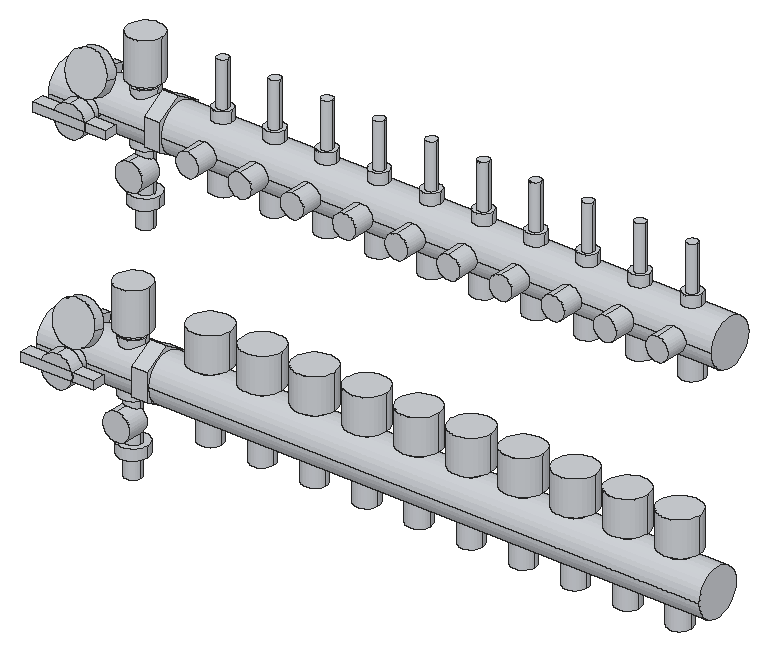
Revit family "318_f16c880827e94962872f661bd91b44", category Pipe Accessories, Revit 2017
Family settings
  Round Connector Dimension = Use Diameter
  Part Type = Valve - Normal
  Work Plane-Based = No
  Always vertical = Yes
  Cut with Voids When Loaded = No
  Shared = No
Parameters (values of type "R553FK110")
  magi_piping_qv_2_9 [instance] = 0.0 L/s
  magi_piping_qv_2_8 [instance] = 0.0 L/s
  magi_piping_qv_2_7 [instance] = 0.0 L/s
  magi_piping_qv_2_6 [instance] = 0.0 L/s
  magi_piping_qv_2_5 [instance] = 0.0 L/s
  magi_piping_qv_2_4 [instance] = 0.0 L/s
  magi_piping_qv_2_3 [instance] = 0.0 L/s
  magi_piping_qv_2_2 [instance] = 0.0 L/s
  magi_piping_qv_2_10 [instance] = 0.0 L/s
  magi_piping_qv_2_1 [instance] = 0.0 L/s
  magi_piping_qv_1_9 [instance] = 0.0 L/s
  magi_piping_qv_1_8 [instance] = 0.0 L/s
  magi_piping_qv_1_7 [instance] = 0.0 L/s
  magi_piping_qv_1_6 [instance] = 0.0 L/s
  magi_piping_qv_1_5 [instance] = 0.0 L/s
  magi_piping_qv_1_4 [instance] = 0.0 L/s
  magi_piping_qv_1_3 [instance] = 0.0 L/s
  magi_piping_qv_1_2 [instance] = 0.0 L/s
  magi_piping_qv_1_10 [instance] = 0.0 L/s
  magi_piping_qv_1_1 [instance] = 0.0 L/s
  magi_piping_qv [instance] = 0.0 L/s
  magi_piping_power_9 [instance] = 0 W
  magi_piping_power_8 [instance] = 0 W
  magi_piping_power_7 [instance] = 0 W
  magi_piping_power_6 [instance] = 0 W
  magi_piping_power_5 [instance] = 0 W
  magi_piping_power_4 [instance] = 0 W
  magi_piping_power_3 [instance] = 0 W
  magi_piping_power_2 [instance] = 0 W
  magi_piping_power_10 [instance] = 0 W
  magi_piping_power_1 [instance] = 0 W
  magi_piping_kv_9 [instance] = 0
  magi_piping_kv_8 [instance] = 0
  magi_piping_kv_7 [instance] = 0
  magi_piping_kv_6 [instance] = 0
  magi_piping_kv_5 [instance] = 0
  magi_piping_kv_4 [instance] = 0
  magi_piping_kv_3 [instance] = 0
  magi_piping_kv_2 [instance] = 0
  magi_piping_kv_10 [instance] = 0
  magi_piping_kv_1 [instance] = 0
  magi_piping_dpTot_9 [instance] = 0.0 Pa
  magi_piping_dpTot_8 [instance] = 0.0 Pa
  magi_piping_dpTot_7 [instance] = 0.0 Pa
  magi_piping_dpTot_6 [instance] = 0.0 Pa
  magi_piping_dpTot_5 [instance] = 0.0 Pa
  magi_piping_dpTot_4 [instance] = 0.0 Pa
  magi_piping_dpTot_3 [instance] = 0.0 Pa
  magi_piping_dpTot_2 [instance] = 0.0 Pa
  magi_piping_dpTot_10 [instance] = 0.0 Pa
  magi_piping_dpTot_1 [instance] = 0.0 Pa
  magi_adjustmentValue_9 [instance] = ""
  magi_adjustmentValue_8 [instance] = ""
  magi_adjustmentValue_7 [instance] = ""
  magi_adjustmentValue_6 [instance] = ""
  magi_adjustmentValue_5 [instance] = ""
  magi_adjustmentValue_4 [instance] = ""
  magi_adjustmentValue_3 [instance] = ""
  magi_adjustmentValue_2 [instance] = ""
  magi_adjustmentValue_10 [instance] = ""
  magi_adjustmentValue_1 [instance] = ""
  magiProductId = "f16c880827e94962872f661bd91b44"
  magiProductFamilyId = "f16c880827e94962872f661bd91b44"
  magiProductCode = "R553FK110"
  magiPartTypeId = 318
  Y = 15 mm
  VersionID = "2.0/2016.10.37.0/GIACOMINI_R553FK_001"
  URL = "http://www.giacomini.com/en"
  SMP = 25 mm
  SBP9 = 18 mm
  SBP8 = 18 mm
  SBP7 = 18 mm
  SBP6 = 18 mm
  SBP5 = 18 mm
  SBP4 = 18 mm
  SBP3 = 18 mm
  SBP2 = 18 mm
  SBP12 = 18 mm
  SBP11 = 18 mm
  SBP10 = 18 mm
  SBP1 = 18 mm
  RMP = 25 mm
  RBP9 = 18 mm
  RBP8 = 18 mm
  RBP7 = 18 mm
  RBP6 = 18 mm
  RBP5 = 18 mm
  RBP4 = 18 mm
  RBP3 = 18 mm
  RBP2 = 18 mm
  RBP12 = 18 mm
  RBP11 = 18 mm
  RBP10 = 18 mm
  RBP1 = 18 mm
  R2 = 22 mm
  QmdConnectorList = "321;SMP;322;SBP1;323;SBP2;324;SBP3;325;SBP4;326;SBP5;327;SBP6;328;SBP7;329;SBP8;330;SBP9;331;SBP10;351;RMP;352;RBP1;353;RBP2;354;RBP3;355;RBP4;356;RBP5;357;RBP6;358;RBP7;359;RBP8;360;RBP9;361;RBP10"
  Productdata [instance] = "© Progman Oy, all rights reserved"
  N9 = yes
  N8 = yes
  N7 = yes
  N6 = yes
  N5 = yes
  N4 = yes
  N3 = yes
  N12 = no
  N11 = no
  N10 = yes
  Manufacturer = "Giacomini"
  MC_Default_elevation = 0 mm
  L = 635 mm
  I = 50 mm
  H5 = 33 mm
  H4 = 5 mm
  H3__ve = -H3  # -40 mm
  H3 = 40 mm
  H2__ve = -H2  # -20 mm
  H2 = 20 mm
  H12 = 42 mm
  H11 = 10 mm
  Flow supply main [instance] = Flow supply 1 + Flow supply 2 + Flow supply 3 + Flow supply 4 + Flow supply 5 + Flow supply 6 + Flow supply 7 + Flow supply 8 + Flow supply 9 + Flow supply 10  # 0.0 L/s
  Flow supply 9 [instance] = 0.0 L/s
  Flow supply 8 [instance] = 0.0 L/s
  Flow supply 7 [instance] = 0.0 L/s
  Flow supply 6 [instance] = 0.0 L/s
  Flow supply 5 [instance] = 0.0 L/s
  Flow supply 4 [instance] = 0.0 L/s
  Flow supply 3 [instance] = 0.0 L/s
  Flow supply 2 [instance] = 0.0 L/s
  Flow supply 10 [instance] = 0.0 L/s
  Flow supply 1 [instance] = 0.0 L/s
  Flow return main [instance] = Flow return 1 + Flow return 2 + Flow return 3 + Flow return 4 + Flow return 5 + Flow return 6 + Flow return 7 + Flow return 8 + Flow return 9 + Flow return 10  # 0.0 L/s
  Flow return 9 [instance] = 0.0 L/s
  Flow return 8 [instance] = 0.0 L/s
  Flow return 7 [instance] = 0.0 L/s
  Flow return 6 [instance] = 0.0 L/s
  Flow return 5 [instance] = 0.0 L/s
  Flow return 4 [instance] = 0.0 L/s
  Flow return 3 [instance] = 0.0 L/s
  Flow return 2 [instance] = 0.0 L/s
  Flow return 10 [instance] = 0.0 L/s
  Flow return 1 [instance] = 0.0 L/s
  E = 208 mm
  Description = "PREASSEMBLED MANIFOLD KIT WITH FLOW METERS"
  D5 = 38 mm
  D4 = 22 mm
  D32 = 10 mm
  D31 = 18 mm
  D2 = 44 mm
  CAT0 = yes
  A = 149 mm
Reference planes
  plane 1 "Center (Front/Back)": y = 0
  plane 2 "XYPLANE": z = 0
  plane 3 "Center (Left/Right)": x = 0
  plane 4 "INIT_TEMP": y = 100
  plane 5 "414": y = -48
  plane 6 "413": z = -178
  plane 7 "412": y = -30
  plane 8 "411": z = -178
  plane 9 "410": z = -274
  plane 10 "409": z = -254
  plane 11 "408": z = -234
  plane 12 "407": z = -177
  plane 13 "406": z = -182
  plane 14 "405": y = -15
  plane 15 "404": z = 30
  plane 16 "403": y = -33
  plane 17 "402": x = 38
  plane 18 "401": z = 30
  plane 19 "400": z = -66
  plane 20 "399": z = -46
  plane 21 "398": z = -26
  plane 22 "397": z = 31
  plane 23 "396": x = 92
  plane 24 "395": z = 26
  plane 25 "394": x = 75
  plane 26 "393": z = -248
  plane 27 "392": z = -181
  plane 28 "391": z = -186
  plane 29 "390": z = -40
  plane 30 "389": x = 0
  plane 31 "388": y = 0
  plane 32 "387": y = -15
  plane 33 "386": z = -208
  plane 34 "385": z = 0
  plane 35 "384": z = 22
  plane 36 "383": x = 149
  plane 37 "382": x = 199
  plane 38 "381": y = -22
  plane 39 "380": x = 249
  plane 40 "379": z = 32
  plane 41 "378": x = 299
  plane 42 "377": x = 349
  plane 43 "376": x = 399
  plane 44 "375": x = 449
  plane 45 "374": x = 499
  plane 46 "373": x = 549
  plane 47 "372": x = 599
  plane 48 "371": x = 649
  plane 49 "370": x = 699
  plane 50 "1126": through (-712, -15, -178) normal (0, -0.2588, -0.9659)
  plane 51 "1127": through (-712, -30, -178) normal (0, 0.9659, -0.2588)
  plane 52 "1128": through (-712, -15, 30) normal (0, -0.9659, 0.2588)
  plane 53 "1129": through (-712, 0, 30) normal (0, 0.2588, 0.9659)
Forms (mm)
  Extrusion 1, solid
    sketch origin (750, -48, 0) x (-1, 0, 0) y (0, 0, 1)
      loop
        circle (712, -208) r 15
    from 0 to -12
  Extrusion 2, solid
    sketch origin (-712, -15, -178) x (1, 0, 0) y (0, -0.965926, 0.258819)
      loop
        line (746, -15) -> (754, -15) -> (754, 15) -> (746, 15) -> (746, -15)
    from 0 to 18
  Extrusion 3, solid
    sketch origin (750, -15, 0) x (-1, 0, 0) y (0, 0, 1)
      loop
        circle (712, -208) r 9
    from 0 to -33
  Extrusion 4, solid
    sketch origin (750, -48, 0) x (-1, 0, 0) y (0, 0, 1)
      loop
        line (677, -204) -> (677, -212) -> (747, -212) -> (747, -204) -> (677, -204)
    from 0 to -12
  Extrusion 5, solid
    sketch origin (-712, -30, -178) x (1, 0, 0) y (0, -0.258819, -0.965926)
      loop
        circle (750, 0) r 20
    from 0 to -10
  Extrusion 6, solid
    sketch origin (-750, 0, -182) x (1, 0, 0) y (0, 1, 0)
      loop
        circle (825, -15) r 12
    from 0 to -52
  Extrusion 7, solid
    sketch origin (92, -750, 0) x (0, 1, 0) y (0, 0, 1)
      loop
        line (735, -182) -> (712.483, -195) -> (712.483, -221) -> (735, -234) -> (757.517, -221) -> (757.517, -195) -> (735, -182)
    from 0 to 15
  Extrusion 8, solid
    sketch origin (-750, 0, -182) x (1, 0, 0) y (0, 1, 0)
      loop
        circle (825, -15) r 10
    from 0 to 5
  Extrusion 9, solid
    sketch origin (-750, 0, -177) x (1, 0, 0) y (0, 1, 0)
      loop
        circle (825, -15) r 16
    from 0 to 40
  Extrusion 10, solid
    sketch origin (-750, 0, -234) x (1, 0, 0) y (0, 1, 0)
      loop
        circle (825, -15) r 7.5
    from 0 to -70
  Extrusion 11, solid
    sketch origin (750, -15, 0) x (-1, 0, 0) y (0, 0, 1)
      loop
        circle (675, -254) r 13
    from 0 to -20
  Extrusion 12, solid
    sketch origin (-750, 0, -274) x (1, 0, 0) y (0, 1, 0)
      loop
        circle (825, -15) r 14
    from 0 to -10
  Extrusion 13, solid
    sketch origin (-712, -15, 30) x (1, 0, 0) y (0, 0.258819, 0.965926)
      loop
        circle (750, 0) r 20
    from 0 to 10
  Extrusion 14, solid
    sketch origin (750, -33, 0) x (-1, 0, 0) y (0, 0, 1)
      loop
        line (677, 4) -> (677, -4) -> (747, -4) -> (747, 4) -> (677, 4)
    from 0 to -12
  Extrusion 15, solid
    sketch origin (750, 0, 0) x (-1, 0, 0) y (0, 0, 1)
      loop
        circle (712, 0) r 9
    from 0 to -33
  Extrusion 16, solid
    sketch origin (-712, 0, 30) x (1, 0, 0) y (0, 0.965926, -0.258819)
      loop
        line (746, 15) -> (746, -15) -> (754, -15) -> (754, 15) -> (746, 15)
    from 0 to -18
  Extrusion 17, solid
    sketch origin (750, -33, 0) x (-1, 0, 0) y (0, 0, 1)
      loop
        circle (712, 0) r 15
    from 0 to -12
  Extrusion 18, solid
    sketch origin (-750, 0, -66) x (1, 0, 0) y (0, 1, 0)
      loop
        circle (825, 0) r 14
    from 0 to -10
  Extrusion 19, solid
    sketch origin (750, 0, 0) x (-1, 0, 0) y (0, 0, 1)
      loop
        circle (675, -46) r 13
    from 0 to -20
  Extrusion 20, solid
    sketch origin (-750, 0, -26) x (1, 0, 0) y (0, 1, 0)
      loop
        circle (825, 0) r 7.5
    from 0 to -70
  Extrusion 21, solid
    sketch origin (-750, 0, 31) x (1, 0, 0) y (0, 1, 0)
      loop
        circle (825, 0) r 16
    from 0 to 40
  Extrusion 22, solid
    sketch origin (-750, 0, 26) x (1, 0, 0) y (0, 1, 0)
      loop
        circle (825, 0) r 10
    from 0 to 5
  Extrusion 23, solid
    sketch origin (92, -750, 0) x (0, 1, 0) y (0, 0, 1)
      loop
        line (750, 26) -> (727.483, 13) -> (727.483, -13) -> (750, -26) -> (772.517, -13) -> (772.517, 13) -> (750, 26)
    from 0 to 15
  Extrusion 24, solid
    sketch origin (-750, 0, 26) x (1, 0, 0) y (0, 1, 0)
      loop
        circle (825, 0) r 12
    from 0 to -52
  Extrusion 25, solid, visible <- "N10"
    sketch origin (-750, 0, -208) x (1, 0, 0) y (0, 1, 0)
      loop
        circle (1349, -15) r 11
    from 0 to -40 <- "H3__ve"
  Extrusion 26, solid, visible <- "N10"
    sketch origin (-750, 0, -186) x (1, 0, 0) y (0, 1, 0)
      loop
        circle (1349, -15) r 11
    from 0 to 5 <- "H4"
  Extrusion 27, solid, visible <- "N10"
    sketch origin (-750, 0, -181) x (1, 0, 0) y (0, 1, 0)
      loop
        circle (1349, -15) r 19
    from 0 to 33 <- "H5"
  Extrusion 28, solid, visible <- "N12"
    sketch origin (-750, 0, -181) x (1, 0, 0) y (0, 1, 0)
      loop
        circle (1449, -15) r 19
    from 0 to 33 <- "H5"
  Extrusion 29, solid, visible <- "N12"
    sketch origin (-750, 0, -186) x (1, 0, 0) y (0, 1, 0)
      loop
        circle (1449, -15) r 11
    from 0 to 5 <- "H4"
  Extrusion 30, solid, visible <- "N12"
    sketch origin (-750, 0, -208) x (1, 0, 0) y (0, 1, 0)
      loop
        circle (1449, -15) r 11
    from 0 to -40 <- "H3__ve"
  Extrusion 31, solid, visible <- "N11"
    sketch origin (-750, 0, -208) x (1, 0, 0) y (0, 1, 0)
      loop
        circle (1399, -15) r 11
    from 0 to -40 <- "H3__ve"
  Extrusion 32, solid, visible <- "N11"
    sketch origin (-750, 0, -186) x (1, 0, 0) y (0, 1, 0)
      loop
        circle (1399, -15) r 11
    from 0 to 5 <- "H4"
  Extrusion 33, solid, visible <- "N11"
    sketch origin (-750, 0, -181) x (1, 0, 0) y (0, 1, 0)
      loop
        circle (1399, -15) r 19
    from 0 to 33 <- "H5"
  Extrusion 34, solid, visible <- "N8"
    sketch origin (-750, 0, -181) x (1, 0, 0) y (0, 1, 0)
      loop
        circle (1249, -15) r 19
    from 0 to 33 <- "H5"
  Extrusion 35, solid, visible <- "N8"
    sketch origin (-750, 0, -186) x (1, 0, 0) y (0, 1, 0)
      loop
        circle (1249, -15) r 11
    from 0 to 5 <- "H4"
  Extrusion 36, solid, visible <- "N8"
    sketch origin (-750, 0, -208) x (1, 0, 0) y (0, 1, 0)
      loop
        circle (1249, -15) r 11
    from 0 to -40 <- "H3__ve"
  Extrusion 37, solid, visible <- "N9"
    sketch origin (-750, 0, -208) x (1, 0, 0) y (0, 1, 0)
      loop
        circle (1299, -15) r 11
    from 0 to -40 <- "H3__ve"
  Extrusion 38, solid, visible <- "N9"
    sketch origin (-750, 0, -186) x (1, 0, 0) y (0, 1, 0)
      loop
        circle (1299, -15) r 11
    from 0 to 5 <- "H4"
  Extrusion 39, solid, visible <- "N9"
    sketch origin (-750, 0, -181) x (1, 0, 0) y (0, 1, 0)
      loop
        circle (1299, -15) r 19
    from 0 to 33 <- "H5"
  Extrusion 40, solid, visible <- "N7"
    sketch origin (-750, 0, -181) x (1, 0, 0) y (0, 1, 0)
      loop
        circle (1199, -15) r 19
    from 0 to 33 <- "H5"
  Extrusion 41, solid, visible <- "N7"
    sketch origin (-750, 0, -186) x (1, 0, 0) y (0, 1, 0)
      loop
        circle (1199, -15) r 11
    from 0 to 5 <- "H4"
  Extrusion 42, solid, visible <- "N7"
    sketch origin (-750, 0, -208) x (1, 0, 0) y (0, 1, 0)
      loop
        circle (1199, -15) r 11
    from 0 to -40 <- "H3__ve"
  Extrusion 43, solid, visible <- "N6"
    sketch origin (-750, 0, -208) x (1, 0, 0) y (0, 1, 0)
      loop
        circle (1149, -15) r 11
    from 0 to -40 <- "H3__ve"
  Extrusion 44, solid, visible <- "N6"
    sketch origin (-750, 0, -186) x (1, 0, 0) y (0, 1, 0)
      loop
        circle (1149, -15) r 11
    from 0 to 5 <- "H4"
  Extrusion 45, solid, visible <- "N6"
    sketch origin (-750, 0, -181) x (1, 0, 0) y (0, 1, 0)
      loop
        circle (1149, -15) r 19
    from 0 to 33 <- "H5"
  Extrusion 46, solid, visible <- "N5"
    sketch origin (-750, 0, -181) x (1, 0, 0) y (0, 1, 0)
      loop
        circle (1099, -15) r 19
    from 0 to 33 <- "H5"
  Extrusion 47, solid, visible <- "N5"
    sketch origin (-750, 0, -186) x (1, 0, 0) y (0, 1, 0)
      loop
        circle (1099, -15) r 11
    from 0 to 5 <- "H4"
  Extrusion 48, solid, visible <- "N5"
    sketch origin (-750, 0, -208) x (1, 0, 0) y (0, 1, 0)
      loop
        circle (1099, -15) r 11
    from 0 to -40 <- "H3__ve"
  Extrusion 49, solid, visible <- "N4"
    sketch origin (-750, 0, -208) x (1, 0, 0) y (0, 1, 0)
      loop
        circle (1049, -15) r 11
    from 0 to -40 <- "H3__ve"
  Extrusion 50, solid, visible <- "N4"
    sketch origin (-750, 0, -186) x (1, 0, 0) y (0, 1, 0)
      loop
        circle (1049, -15) r 11
    from 0 to 5 <- "H4"
  Extrusion 51, solid, visible <- "N4"
    sketch origin (-750, 0, -181) x (1, 0, 0) y (0, 1, 0)
      loop
        circle (1049, -15) r 19
    from 0 to 33 <- "H5"
  Extrusion 52, solid, visible <- "N3"
    sketch origin (-750, 0, -181) x (1, 0, 0) y (0, 1, 0)
      loop
        circle (999, -15) r 19
    from 0 to 33 <- "H5"
  Extrusion 53, solid, visible <- "N3"
    sketch origin (-750, 0, -186) x (1, 0, 0) y (0, 1, 0)
      loop
        circle (999, -15) r 11
    from 0 to 5 <- "H4"
  Extrusion 54, solid
    sketch origin (-750, 0, -186) x (1, 0, 0) y (0, 1, 0)
      loop
        circle (949, -15) r 11
    from 0 to 5 <- "H4"
  Extrusion 55, solid
    sketch origin (-750, 0, -181) x (1, 0, 0) y (0, 1, 0)
      loop
        circle (949, -15) r 19
    from 0 to 33 <- "H5"
  Extrusion 56, solid
    sketch origin (-750, 0, -181) x (1, 0, 0) y (0, 1, 0)
      loop
        circle (899, -15) r 19
    from 0 to 33 <- "H5"
  Extrusion 57, solid
    sketch origin (-750, 0, -186) x (1, 0, 0) y (0, 1, 0)
      loop
        circle (899, -15) r 11
    from 0 to 5 <- "H4"
  Extrusion 58, solid, visible <- "N3"
    sketch origin (-750, 0, -208) x (1, 0, 0) y (0, 1, 0)
      loop
        circle (999, -15) r 11
    from 0 to -40 <- "H3__ve"
  Extrusion 59, solid
    sketch origin (-750, 0, -208) x (1, 0, 0) y (0, 1, 0)
      loop
        circle (899, -15) r 11
    from 0 to -40 <- "H3__ve"
  Extrusion 60, solid
    sketch origin (-750, 0, -208) x (1, 0, 0) y (0, 1, 0)
      loop
        circle (949, -15) r 11
    from 0 to -40 <- "H3__ve"
  Extrusion 61, solid, visible <- "CAT0"
    sketch origin (0, -750, 0) x (0, 1, 0) y (0, 0, 1)
      loop
        circle (735, -208) r 22
    from 0 to 635 <- "L"
  Extrusion 62, solid, visible <- "N8"
    sketch origin (-750, 0, 0) x (1, 0, 0) y (0, 1, 0)
      loop
        circle (1249, 0) r 11
    from 0 to -40 <- "H3__ve"
  Extrusion 63, solid, visible <- "N9"
    sketch origin (-750, 0, 0) x (1, 0, 0) y (0, 1, 0)
      loop
        circle (1299, 0) r 11
    from 0 to -40 <- "H3__ve"
  Extrusion 64, solid, visible <- "N10"
    sketch origin (-750, 0, 0) x (1, 0, 0) y (0, 1, 0)
      loop
        circle (1349, 0) r 11
    from 0 to -40 <- "H3__ve"
  Extrusion 65, solid, visible <- "N11"
    sketch origin (-750, 0, 0) x (1, 0, 0) y (0, 1, 0)
      loop
        circle (1399, 0) r 11
    from 0 to -40 <- "H3__ve"
  Extrusion 66, solid, visible <- "N12"
    sketch origin (-750, 0, 0) x (1, 0, 0) y (0, 1, 0)
      loop
        circle (1449, 0) r 11
    from 0 to -40 <- "H3__ve"
  Extrusion 67, solid, visible <- "N7"
    sketch origin (-750, 0, 0) x (1, 0, 0) y (0, 1, 0)
      loop
        circle (1199, 0) r 11
    from 0 to -40 <- "H3__ve"
  Extrusion 68, solid, visible <- "N6"
    sketch origin (-750, 0, 0) x (1, 0, 0) y (0, 1, 0)
      loop
        circle (1149, 0) r 11
    from 0 to -40 <- "H3__ve"
  Extrusion 69, solid, visible <- "N5"
    sketch origin (-750, 0, 0) x (1, 0, 0) y (0, 1, 0)
      loop
        circle (1099, 0) r 11
    from 0 to -40 <- "H3__ve"
  Extrusion 70, solid, visible <- "N4"
    sketch origin (-750, 0, 0) x (1, 0, 0) y (0, 1, 0)
      loop
        circle (1049, 0) r 11
    from 0 to -40 <- "H3__ve"
  Extrusion 71, solid, visible <- "N3"
    sketch origin (-750, 0, 0) x (1, 0, 0) y (0, 1, 0)
      loop
        circle (999, 0) r 11
    from 0 to -40 <- "H3__ve"
  Extrusion 72, solid
    sketch origin (-750, 0, 0) x (1, 0, 0) y (0, 1, 0)
      loop
        circle (949, 0) r 11
    from 0 to -40 <- "H3__ve"
  Extrusion 73, solid
    sketch origin (-750, 0, 0) x (1, 0, 0) y (0, 1, 0)
      loop
        circle (899, 0) r 11
    from 0 to -40 <- "H3__ve"
  Extrusion 74, solid, visible <- "CAT0"
    sketch origin (0, -750, 0) x (0, 1, 0) y (0, 0, 1)
      loop
        circle (750, 0) r 22
    from 0 to 635 <- "L"
  Extrusion 75, solid
    sketch origin (-750, 0, 22) x (1, 0, 0) y (0, 1, 0)
      loop
        circle (899, 0) r 9
    from 0 to 10 <- "H11"
  Extrusion 76, solid
    sketch origin (750, -22, 0) x (-1, 0, 0) y (0, 0, 1)
      loop
        circle (601, 0) r 11
    from 0 to -20 <- "H2__ve"
  Extrusion 77, solid
    sketch origin (750, -22, 0) x (-1, 0, 0) y (0, 0, 1)
      loop
        circle (551, 0) r 11
    from 0 to -20 <- "H2__ve"
  Extrusion 78, solid, visible <- "N3"
    sketch origin (750, -22, 0) x (-1, 0, 0) y (0, 0, 1)
      loop
        circle (501, 0) r 11
    from 0 to -20 <- "H2__ve"
  Extrusion 79, solid
    sketch origin (-750, 0, 32) x (1, 0, 0) y (0, 1, 0)
      loop
        circle (899, 0) r 5
    from 0 to 42 <- "H12"
  Extrusion 80, solid
    sketch origin (-750, 0, 32) x (1, 0, 0) y (0, 1, 0)
      loop
        circle (949, 0) r 5
    from 0 to 42 <- "H12"
  Extrusion 81, solid
    sketch origin (-750, 0, 22) x (1, 0, 0) y (0, 1, 0)
      loop
        circle (949, 0) r 9
    from 0 to 10 <- "H11"
  Extrusion 82, solid, visible <- "N3"
    sketch origin (-750, 0, 22) x (1, 0, 0) y (0, 1, 0)
      loop
        circle (999, 0) r 9
    from 0 to 10 <- "H11"
  Extrusion 83, solid, visible <- "N3"
    sketch origin (-750, 0, 32) x (1, 0, 0) y (0, 1, 0)
      loop
        circle (999, 0) r 5
    from 0 to 42 <- "H12"
  Extrusion 84, solid, visible <- "N4"
    sketch origin (-750, 0, 32) x (1, 0, 0) y (0, 1, 0)
      loop
        circle (1049, 0) r 5
    from 0 to 42 <- "H12"
  Extrusion 85, solid, visible <- "N4"
    sketch origin (-750, 0, 22) x (1, 0, 0) y (0, 1, 0)
      loop
        circle (1049, 0) r 9
    from 0 to 10 <- "H11"
  Extrusion 86, solid, visible <- "N4"
    sketch origin (750, -22, 0) x (-1, 0, 0) y (0, 0, 1)
      loop
        circle (451, 0) r 11
    from 0 to -20 <- "H2__ve"
  Extrusion 87, solid, visible <- "N5"
    sketch origin (750, -22, 0) x (-1, 0, 0) y (0, 0, 1)
      loop
        circle (401, 0) r 11
    from 0 to -20 <- "H2__ve"
  Extrusion 88, solid, visible <- "N5"
    sketch origin (-750, 0, 22) x (1, 0, 0) y (0, 1, 0)
      loop
        circle (1099, 0) r 9
    from 0 to 10 <- "H11"
  Extrusion 89, solid, visible <- "N5"
    sketch origin (-750, 0, 32) x (1, 0, 0) y (0, 1, 0)
      loop
        circle (1099, 0) r 5
    from 0 to 42 <- "H12"
  Extrusion 90, solid, visible <- "N6"
    sketch origin (-750, 0, 32) x (1, 0, 0) y (0, 1, 0)
      loop
        circle (1149, 0) r 5
    from 0 to 42 <- "H12"
  Extrusion 91, solid, visible <- "N6"
    sketch origin (-750, 0, 22) x (1, 0, 0) y (0, 1, 0)
      loop
        circle (1149, 0) r 9
    from 0 to 10 <- "H11"
  Extrusion 92, solid, visible <- "N6"
    sketch origin (750, -22, 0) x (-1, 0, 0) y (0, 0, 1)
      loop
        circle (351, 0) r 11
    from 0 to -20 <- "H2__ve"
  Extrusion 93, solid, visible <- "N7"
    sketch origin (750, -22, 0) x (-1, 0, 0) y (0, 0, 1)
      loop
        circle (301, 0) r 11
    from 0 to -20 <- "H2__ve"
  Extrusion 94, solid, visible <- "N7"
    sketch origin (-750, 0, 22) x (1, 0, 0) y (0, 1, 0)
      loop
        circle (1199, 0) r 9
    from 0 to 10 <- "H11"
  Extrusion 95, solid, visible <- "N7"
    sketch origin (-750, 0, 32) x (1, 0, 0) y (0, 1, 0)
      loop
        circle (1199, 0) r 5
    from 0 to 42 <- "H12"
  Extrusion 96, solid, visible <- "N8"
    sketch origin (-750, 0, 32) x (1, 0, 0) y (0, 1, 0)
      loop
        circle (1249, 0) r 5
    from 0 to 42 <- "H12"
  Extrusion 97, solid, visible <- "N8"
    sketch origin (-750, 0, 22) x (1, 0, 0) y (0, 1, 0)
      loop
        circle (1249, 0) r 9
    from 0 to 10 <- "H11"
  Extrusion 98, solid, visible <- "N8"
    sketch origin (750, -22, 0) x (-1, 0, 0) y (0, 0, 1)
      loop
        circle (251, 0) r 11
    from 0 to -20 <- "H2__ve"
  Extrusion 99, solid, visible <- "N10"
    sketch origin (750, -22, 0) x (-1, 0, 0) y (0, 0, 1)
      loop
        circle (151, 0) r 11
    from 0 to -20 <- "H2__ve"
  Extrusion 100, solid, visible <- "N10"
    sketch origin (-750, 0, 22) x (1, 0, 0) y (0, 1, 0)
      loop
        circle (1349, 0) r 9
    from 0 to 10 <- "H11"
  Extrusion 101, solid, visible <- "N10"
    sketch origin (-750, 0, 32) x (1, 0, 0) y (0, 1, 0)
      loop
        circle (1349, 0) r 5
    from 0 to 42 <- "H12"
  Extrusion 102, solid, visible <- "N9"
    sketch origin (-750, 0, 32) x (1, 0, 0) y (0, 1, 0)
      loop
        circle (1299, 0) r 5
    from 0 to 42 <- "H12"
  Extrusion 103, solid, visible <- "N9"
    sketch origin (-750, 0, 22) x (1, 0, 0) y (0, 1, 0)
      loop
        circle (1299, 0) r 9
    from 0 to 10 <- "H11"
  Extrusion 104, solid, visible <- "N9"
    sketch origin (750, -22, 0) x (-1, 0, 0) y (0, 0, 1)
      loop
        circle (201, 0) r 11
    from 0 to -20 <- "H2__ve"
  Extrusion 105, solid, visible <- "N11"
    sketch origin (-750, 0, 32) x (1, 0, 0) y (0, 1, 0)
      loop
        circle (1399, 0) r 5
    from 0 to 42 <- "H12"
  Extrusion 106, solid, visible <- "N11"
    sketch origin (-750, 0, 22) x (1, 0, 0) y (0, 1, 0)
      loop
        circle (1399, 0) r 9
    from 0 to 10 <- "H11"
  Extrusion 107, solid, visible <- "N11"
    sketch origin (750, -22, 0) x (-1, 0, 0) y (0, 0, 1)
      loop
        circle (101, 0) r 11
    from 0 to -20 <- "H2__ve"
  Extrusion 108, solid, visible <- "N12"
    sketch origin (750, -22, 0) x (-1, 0, 0) y (0, 0, 1)
      loop
        circle (51, 0) r 11
    from 0 to -20 <- "H2__ve"
  Extrusion 109, solid, visible <- "N12"
    sketch origin (-750, 0, 22) x (1, 0, 0) y (0, 1, 0)
      loop
        circle (1449, 0) r 9
    from 0 to 10 <- "H11"
  Extrusion 110, solid, visible <- "N12"
    sketch origin (-750, 0, 32) x (1, 0, 0) y (0, 1, 0)
      loop
        circle (1449, 0) r 5
    from 0 to 42 <- "H12"
  Extrusion 111, solid, not visible
    sketch origin (-750, 0, -248) x (1, 0, 0) y (0, 1, 0)
      loop
        circle (1349, -15) r 10
    from 0 to 10
  Extrusion 112, solid, not visible
    sketch origin (-750, 0, -248) x (1, 0, 0) y (0, 1, 0)
      loop
        circle (1249, -15) r 10
    from 0 to 10
  Extrusion 113, solid, not visible
    sketch origin (-750, 0, -248) x (1, 0, 0) y (0, 1, 0)
      loop
        circle (1299, -15) r 10
    from 0 to 10
  Extrusion 114, solid, not visible
    sketch origin (-750, 0, -248) x (1, 0, 0) y (0, 1, 0)
      loop
        circle (1199, -15) r 10
    from 0 to 10
  Extrusion 115, solid, not visible
    sketch origin (-750, 0, -248) x (1, 0, 0) y (0, 1, 0)
      loop
        circle (1149, -15) r 10
    from 0 to 10
  Extrusion 116, solid, not visible
    sketch origin (-750, 0, -248) x (1, 0, 0) y (0, 1, 0)
      loop
        circle (1099, -15) r 10
    from 0 to 10
  Extrusion 117, solid, not visible
    sketch origin (-750, 0, -248) x (1, 0, 0) y (0, 1, 0)
      loop
        circle (1049, -15) r 10
    from 0 to 10
  Extrusion 118, solid, not visible
    sketch origin (-750, 0, -248) x (1, 0, 0) y (0, 1, 0)
      loop
        circle (949, -15) r 10
    from 0 to 10
  Extrusion 119, solid, not visible
    sketch origin (-750, 0, -248) x (1, 0, 0) y (0, 1, 0)
      loop
        circle (899, -15) r 10
    from 0 to 10
  Extrusion 120, solid, not visible
    sketch origin (-750, 0, -248) x (1, 0, 0) y (0, 1, 0)
      loop
        circle (999, -15) r 10
    from 0 to 10
  Extrusion 121, solid, not visible
    sketch origin (-750, 0, -40) x (1, 0, 0) y (0, 1, 0)
      loop
        circle (1249, 0) r 10
    from 0 to 10
  Extrusion 122, solid, not visible
    sketch origin (-750, 0, -40) x (1, 0, 0) y (0, 1, 0)
      loop
        circle (1299, 0) r 10
    from 0 to 10
  Extrusion 123, solid, not visible
    sketch origin (-750, 0, -40) x (1, 0, 0) y (0, 1, 0)
      loop
        circle (1349, 0) r 10
    from 0 to 10
  Extrusion 124, solid, not visible
    sketch origin (-750, 0, -40) x (1, 0, 0) y (0, 1, 0)
      loop
        circle (1199, 0) r 10
    from 0 to 10
  Extrusion 125, solid, not visible
    sketch origin (-750, 0, -40) x (1, 0, 0) y (0, 1, 0)
      loop
        circle (1149, 0) r 10
    from 0 to 10
  Extrusion 126, solid, not visible
    sketch origin (-750, 0, -40) x (1, 0, 0) y (0, 1, 0)
      loop
        circle (1099, 0) r 10
    from 0 to 10
  Extrusion 127, solid, not visible
    sketch origin (-750, 0, -40) x (1, 0, 0) y (0, 1, 0)
      loop
        circle (1049, 0) r 10
    from 0 to 10
  Extrusion 128, solid, not visible
    sketch origin (-750, 0, -40) x (1, 0, 0) y (0, 1, 0)
      loop
        circle (999, 0) r 10
    from 0 to 10
  Extrusion 129, solid, not visible
    sketch origin (0, -750, 0) x (0, 1, 0) y (0, 0, 1)
      loop
        circle (750, 0) r 10
    from 0 to 10
  Extrusion 130, solid, not visible
    sketch origin (0, -750, 0) x (0, 1, 0) y (0, 0, 1)
      loop
        circle (735, -208) r 10
    from 0 to 10
  Extrusion 131, solid, not visible
    sketch origin (-750, 0, -40) x (1, 0, 0) y (0, 1, 0)
      loop
        circle (899, 0) r 10
    from 0 to 10
  Extrusion 132, solid, not visible
    sketch origin (-750, 0, -40) x (1, 0, 0) y (0, 1, 0)
      loop
        circle (949, 0) r 10
    from 0 to 10
Text (mm)
  text "© Progman Oy, all rights reserved" at (-472.209, -2482.653, 0), in view "Ref. Level"
Dimensions and locks
  plane 4 "INIT_TEMP" to plane 1 "Center (Front/Back)" = 100 mm
  locked: plane 32 "387" to plane 5 "414" at 33
  locked: plane 33 "386" to plane 6 "413" at 30
  locked: plane 32 "387" to plane 7 "412" at 15
  locked: plane 33 "386" to plane 8 "411" at 30
  locked: plane 11 "408" to plane 9 "410" at 40
  locked: plane 11 "408" to plane 10 "409" at 20
  locked: plane 13 "406" to plane 11 "408" at 52
  locked: plane 13 "406" to plane 12 "407" at 5
  locked: plane 33 "386" to plane 13 "406" at 26
  locked: plane 1 "Center (Front/Back)" to plane 14 "405" at 15
  locked: plane 2 "XYPLANE" to plane 15 "404" at 30
  locked: plane 1 "Center (Front/Back)" to plane 16 "403" at 33
  locked: plane 3 "Center (Left/Right)" to plane 17 "402" at 38
  locked: plane 2 "XYPLANE" to plane 18 "401" at 30
  locked: plane 21 "398" to plane 19 "400" at 40
  locked: plane 21 "398" to plane 20 "399" at 20
  locked: plane 24 "395" to plane 21 "398" at 52
  locked: plane 24 "395" to plane 22 "397" at 5
  locked: plane 25 "394" to plane 23 "396" at 17
  locked: plane 2 "XYPLANE" to plane 24 "395" at 26
  locked: plane 3 "Center (Left/Right)" to plane 25 "394" at 75
  "H3": plane 33 "386" to plane 26 "393"
  "H4": plane 28 "391" to plane 27 "392"
  "R2": plane 33 "386" to plane 28 "391"
  "H3": plane 2 "XYPLANE" to plane 29 "390"
  locked: plane 3 "Center (Left/Right)" to plane 30 "389"
  locked: plane 1 "Center (Front/Back)" to plane 31 "388"
  "Y": plane 1 "Center (Front/Back)" to plane 32 "387"
  "E": plane 2 "XYPLANE" to plane 33 "386"
  locked: plane 2 "XYPLANE" to plane 34 "385"
  "R2": plane 2 "XYPLANE" to plane 35 "384"
  "A": plane 3 "Center (Left/Right)" to plane 36 "383"
  "I": plane 36 "383" to plane 37 "382"
  "R2": plane 1 "Center (Front/Back)" to plane 38 "381"
  "I": plane 37 "382" to plane 39 "380"
  "H11": plane 35 "384" to plane 40 "379"
  "I": plane 39 "380" to plane 41 "378"
  "I": plane 41 "378" to plane 42 "377"
  "I": plane 42 "377" to plane 43 "376"
  "I": plane 43 "376" to plane 44 "375"
  "I": plane 44 "375" to plane 45 "374"
  "I": plane 45 "374" to plane 46 "373"
  "I": plane 46 "373" to plane 47 "372"
  "I": plane 47 "372" to plane 48 "371"
  "I": plane 48 "371" to plane 49 "370"
  "D4": diameter of Extrusion 25 sketch curve
  "D4": diameter of Extrusion 26 sketch curve
  "D5": diameter of Extrusion 27 sketch curve
  "D5": diameter of Extrusion 28 sketch curve
  "D4": diameter of Extrusion 29 sketch curve
  "D4": diameter of Extrusion 30 sketch curve
  "D4": diameter of Extrusion 31 sketch curve
  "D4": diameter of Extrusion 32 sketch curve
  "D5": diameter of Extrusion 33 sketch curve
  "D5": diameter of Extrusion 34 sketch curve
  "D4": diameter of Extrusion 35 sketch curve
  "D4": diameter of Extrusion 36 sketch curve
  "D4": diameter of Extrusion 37 sketch curve
  "D4": diameter of Extrusion 38 sketch curve
  "D5": diameter of Extrusion 39 sketch curve
  "D5": diameter of Extrusion 40 sketch curve
  "D4": diameter of Extrusion 41 sketch curve
  "D4": diameter of Extrusion 42 sketch curve
  "D4": diameter of Extrusion 43 sketch curve
  "D4": diameter of Extrusion 44 sketch curve
  "D5": diameter of Extrusion 45 sketch curve
  "D5": diameter of Extrusion 46 sketch curve
  "D4": diameter of Extrusion 47 sketch curve
  "D4": diameter of Extrusion 48 sketch curve
  "D4": diameter of Extrusion 49 sketch curve
  "D4": diameter of Extrusion 50 sketch curve
  "D5": diameter of Extrusion 51 sketch curve
  "D5": diameter of Extrusion 52 sketch curve
  "D4": diameter of Extrusion 53 sketch curve
  "D4": diameter of Extrusion 54 sketch curve
  "D5": diameter of Extrusion 55 sketch curve
  "D5": diameter of Extrusion 56 sketch curve
  "D4": diameter of Extrusion 57 sketch curve
  "D4": diameter of Extrusion 58 sketch curve
  "D4": diameter of Extrusion 59 sketch curve
  "D4": diameter of Extrusion 60 sketch curve
  "D2": diameter of Extrusion 61 sketch curve
  "D4": diameter of Extrusion 62 sketch curve
  "D4": diameter of Extrusion 63 sketch curve
  "D4": diameter of Extrusion 64 sketch curve
  "D4": diameter of Extrusion 65 sketch curve
  "D4": diameter of Extrusion 66 sketch curve
  "D4": diameter of Extrusion 67 sketch curve
  "D4": diameter of Extrusion 68 sketch curve
  "D4": diameter of Extrusion 69 sketch curve
  "D4": diameter of Extrusion 70 sketch curve
  "D4": diameter of Extrusion 71 sketch curve
  "D4": diameter of Extrusion 72 sketch curve
  "D4": diameter of Extrusion 73 sketch curve
  "D2": diameter of Extrusion 74 sketch curve
  "D31": diameter of Extrusion 75 sketch curve
  "D4": diameter of Extrusion 76 sketch curve
  "D4": diameter of Extrusion 77 sketch curve
  "D4": diameter of Extrusion 78 sketch curve
  "D32": diameter of Extrusion 79 sketch curve
  "D32": diameter of Extrusion 80 sketch curve
  "D31": diameter of Extrusion 81 sketch curve
  "D31": diameter of Extrusion 82 sketch curve
  "D32": diameter of Extrusion 83 sketch curve
  "D32": diameter of Extrusion 84 sketch curve
  "D31": diameter of Extrusion 85 sketch curve
  "D4": diameter of Extrusion 86 sketch curve
  "D4": diameter of Extrusion 87 sketch curve
  "D31": diameter of Extrusion 88 sketch curve
  "D32": diameter of Extrusion 89 sketch curve
  "D32": diameter of Extrusion 90 sketch curve
  "D31": diameter of Extrusion 91 sketch curve
  "D4": diameter of Extrusion 92 sketch curve
  "D4": diameter of Extrusion 93 sketch curve
  "D31": diameter of Extrusion 94 sketch curve
  "D32": diameter of Extrusion 95 sketch curve
  "D32": diameter of Extrusion 96 sketch curve
  "D31": diameter of Extrusion 97 sketch curve
  "D4": diameter of Extrusion 98 sketch curve
  "D4": diameter of Extrusion 99 sketch curve
  "D31": diameter of Extrusion 100 sketch curve
  "D32": diameter of Extrusion 101 sketch curve
  "D32": diameter of Extrusion 102 sketch curve
  "D31": diameter of Extrusion 103 sketch curve
  "D4": diameter of Extrusion 104 sketch curve
  "D32": diameter of Extrusion 105 sketch curve
  "D31": diameter of Extrusion 106 sketch curve
  "D4": diameter of Extrusion 107 sketch curve
  "D4": diameter of Extrusion 108 sketch curve
  "D31": diameter of Extrusion 109 sketch curve
  "D32": diameter of Extrusion 110 sketch curve
  aligned and locked: level to plane 2 "XYPLANE"
  aligned and locked: plane 17 "402" to Extrusion 1 sketch curve
  aligned and locked: plane 33 "386" to Extrusion 1 sketch curve
  aligned and locked: plane 17 "402" to Extrusion 3 sketch curve
  aligned and locked: plane 33 "386" to Extrusion 3 sketch curve
  aligned and locked: plane 17 "402" to Extrusion 5 sketch curve
  aligned and locked: plane 25 "394" to Extrusion 6 sketch curve
  aligned and locked: plane 32 "387" to Extrusion 6 sketch curve
  aligned and locked: plane 25 "394" to Extrusion 8 sketch curve
  aligned and locked: plane 32 "387" to Extrusion 8 sketch curve
  aligned and locked: plane 25 "394" to Extrusion 9 sketch curve
  aligned and locked: plane 32 "387" to Extrusion 9 sketch curve
  aligned and locked: plane 25 "394" to Extrusion 10 sketch curve
  aligned and locked: plane 32 "387" to Extrusion 10 sketch curve
  aligned and locked: plane 10 "409" to Extrusion 11 sketch curve
  aligned and locked: plane 25 "394" to Extrusion 11 sketch curve
  aligned and locked: plane 25 "394" to Extrusion 12 sketch curve
  aligned and locked: plane 32 "387" to Extrusion 12 sketch curve
  aligned and locked: plane 17 "402" to Extrusion 13 sketch curve
  aligned and locked: plane 17 "402" to Extrusion 15 sketch curve
  aligned and locked: plane 34 "385" to Extrusion 15 sketch curve
  aligned and locked: plane 17 "402" to Extrusion 17 sketch curve
  aligned and locked: plane 34 "385" to Extrusion 17 sketch curve
  aligned and locked: plane 25 "394" to Extrusion 18 sketch curve
  aligned and locked: plane 31 "388" to Extrusion 18 sketch curve
  aligned and locked: plane 20 "399" to Extrusion 19 sketch curve
  aligned and locked: plane 25 "394" to Extrusion 19 sketch curve
  aligned and locked: plane 25 "394" to Extrusion 20 sketch curve
  aligned and locked: plane 31 "388" to Extrusion 20 sketch curve
  aligned and locked: plane 25 "394" to Extrusion 21 sketch curve
  aligned and locked: plane 31 "388" to Extrusion 21 sketch curve
  aligned and locked: plane 25 "394" to Extrusion 22 sketch curve
  aligned and locked: plane 31 "388" to Extrusion 22 sketch curve
  aligned and locked: plane 25 "394" to Extrusion 24 sketch curve
  aligned and locked: plane 31 "388" to Extrusion 24 sketch curve
  aligned and locked: plane 32 "387" to Extrusion 25 sketch curve
  aligned and locked: plane 47 "372" to Extrusion 25 sketch curve
  aligned and locked: plane 32 "387" to Extrusion 26 sketch curve
  aligned and locked: plane 47 "372" to Extrusion 26 sketch curve
  aligned and locked: plane 32 "387" to Extrusion 27 sketch curve
  aligned and locked: plane 47 "372" to Extrusion 27 sketch curve
  aligned and locked: plane 32 "387" to Extrusion 28 sketch curve
  aligned and locked: plane 49 "370" to Extrusion 28 sketch curve
  aligned and locked: plane 32 "387" to Extrusion 29 sketch curve
  aligned and locked: plane 49 "370" to Extrusion 29 sketch curve
  aligned and locked: plane 32 "387" to Extrusion 30 sketch curve
  aligned and locked: plane 49 "370" to Extrusion 30 sketch curve
  aligned and locked: plane 32 "387" to Extrusion 31 sketch curve
  aligned and locked: plane 48 "371" to Extrusion 31 sketch curve
  aligned and locked: plane 32 "387" to Extrusion 32 sketch curve
  aligned and locked: plane 48 "371" to Extrusion 32 sketch curve
  aligned and locked: plane 32 "387" to Extrusion 33 sketch curve
  aligned and locked: plane 48 "371" to Extrusion 33 sketch curve
  aligned and locked: plane 32 "387" to Extrusion 34 sketch curve
  aligned and locked: plane 45 "374" to Extrusion 34 sketch curve
  aligned and locked: plane 32 "387" to Extrusion 35 sketch curve
  aligned and locked: plane 45 "374" to Extrusion 35 sketch curve
  aligned and locked: plane 32 "387" to Extrusion 36 sketch curve
  aligned and locked: plane 45 "374" to Extrusion 36 sketch curve
  aligned and locked: plane 32 "387" to Extrusion 37 sketch curve
  aligned and locked: plane 46 "373" to Extrusion 37 sketch curve
  aligned and locked: plane 32 "387" to Extrusion 38 sketch curve
  aligned and locked: plane 46 "373" to Extrusion 38 sketch curve
  aligned and locked: plane 32 "387" to Extrusion 39 sketch curve
  aligned and locked: plane 46 "373" to Extrusion 39 sketch curve
  aligned and locked: plane 32 "387" to Extrusion 40 sketch curve
  aligned and locked: plane 44 "375" to Extrusion 40 sketch curve
  aligned and locked: plane 32 "387" to Extrusion 41 sketch curve
  aligned and locked: plane 44 "375" to Extrusion 41 sketch curve
  aligned and locked: plane 32 "387" to Extrusion 42 sketch curve
  aligned and locked: plane 44 "375" to Extrusion 42 sketch curve
  aligned and locked: plane 32 "387" to Extrusion 43 sketch curve
  aligned and locked: plane 43 "376" to Extrusion 43 sketch curve
  aligned and locked: plane 32 "387" to Extrusion 44 sketch curve
  aligned and locked: plane 43 "376" to Extrusion 44 sketch curve
  aligned and locked: plane 32 "387" to Extrusion 45 sketch curve
  aligned and locked: plane 43 "376" to Extrusion 45 sketch curve
  aligned and locked: plane 32 "387" to Extrusion 46 sketch curve
  aligned and locked: plane 42 "377" to Extrusion 46 sketch curve
  aligned and locked: plane 32 "387" to Extrusion 47 sketch curve
  aligned and locked: plane 42 "377" to Extrusion 47 sketch curve
  aligned and locked: plane 32 "387" to Extrusion 48 sketch curve
  aligned and locked: plane 42 "377" to Extrusion 48 sketch curve
  aligned and locked: plane 32 "387" to Extrusion 49 sketch curve
  aligned and locked: plane 41 "378" to Extrusion 49 sketch curve
  aligned and locked: plane 32 "387" to Extrusion 50 sketch curve
  aligned and locked: plane 41 "378" to Extrusion 50 sketch curve
  aligned and locked: plane 32 "387" to Extrusion 51 sketch curve
  aligned and locked: plane 41 "378" to Extrusion 51 sketch curve
  aligned and locked: plane 32 "387" to Extrusion 52 sketch curve
  aligned and locked: plane 39 "380" to Extrusion 52 sketch curve
  aligned and locked: plane 32 "387" to Extrusion 53 sketch curve
  aligned and locked: plane 39 "380" to Extrusion 53 sketch curve
  aligned and locked: plane 32 "387" to Extrusion 54 sketch curve
  aligned and locked: plane 37 "382" to Extrusion 54 sketch curve
  aligned and locked: plane 32 "387" to Extrusion 55 sketch curve
  aligned and locked: plane 37 "382" to Extrusion 55 sketch curve
  aligned and locked: plane 32 "387" to Extrusion 56 sketch curve
  aligned and locked: plane 36 "383" to Extrusion 56 sketch curve
  aligned and locked: plane 32 "387" to Extrusion 57 sketch curve
  aligned and locked: plane 36 "383" to Extrusion 57 sketch curve
  aligned and locked: plane 32 "387" to Extrusion 58 sketch curve
  aligned and locked: plane 39 "380" to Extrusion 58 sketch curve
  aligned and locked: plane 32 "387" to Extrusion 59 sketch curve
  aligned and locked: plane 36 "383" to Extrusion 59 sketch curve
  aligned and locked: plane 32 "387" to Extrusion 60 sketch curve
  aligned and locked: plane 37 "382" to Extrusion 60 sketch curve
  aligned and locked: Extrusion 61 sketch curve to plane 32 "387"
  aligned and locked: plane 33 "386" to Extrusion 61 sketch curve
  aligned and locked: plane 31 "388" to Extrusion 62 sketch curve
  aligned and locked: plane 45 "374" to Extrusion 62 sketch curve
  aligned and locked: plane 31 "388" to Extrusion 63 sketch curve
  aligned and locked: plane 46 "373" to Extrusion 63 sketch curve
  aligned and locked: plane 31 "388" to Extrusion 64 sketch curve
  aligned and locked: plane 47 "372" to Extrusion 64 sketch curve
  aligned and locked: plane 31 "388" to Extrusion 65 sketch curve
  aligned and locked: plane 48 "371" to Extrusion 65 sketch curve
  aligned and locked: plane 31 "388" to Extrusion 66 sketch curve
  aligned and locked: plane 49 "370" to Extrusion 66 sketch curve
  aligned and locked: plane 31 "388" to Extrusion 67 sketch curve
  aligned and locked: plane 44 "375" to Extrusion 67 sketch curve
  aligned and locked: plane 31 "388" to Extrusion 68 sketch curve
  aligned and locked: plane 43 "376" to Extrusion 68 sketch curve
  aligned and locked: plane 31 "388" to Extrusion 69 sketch curve
  aligned and locked: plane 42 "377" to Extrusion 69 sketch curve
  aligned and locked: plane 31 "388" to Extrusion 70 sketch curve
  aligned and locked: plane 41 "378" to Extrusion 70 sketch curve
  aligned and locked: plane 31 "388" to Extrusion 71 sketch curve
  aligned and locked: plane 39 "380" to Extrusion 71 sketch curve
  aligned and locked: plane 31 "388" to Extrusion 72 sketch curve
  aligned and locked: plane 37 "382" to Extrusion 72 sketch curve
  aligned and locked: plane 31 "388" to Extrusion 73 sketch curve
  aligned and locked: plane 36 "383" to Extrusion 73 sketch curve
  aligned and locked: Extrusion 74 sketch curve to plane 31 "388"
  aligned and locked: plane 34 "385" to Extrusion 74 sketch curve
  aligned and locked: plane 31 "388" to Extrusion 75 sketch curve
  aligned and locked: plane 36 "383" to Extrusion 75 sketch curve
  aligned and locked: plane 34 "385" to Extrusion 76 sketch curve
  aligned and locked: plane 36 "383" to Extrusion 76 sketch curve
  aligned and locked: plane 34 "385" to Extrusion 77 sketch curve
  aligned and locked: plane 37 "382" to Extrusion 77 sketch curve
  aligned and locked: plane 34 "385" to Extrusion 78 sketch curve
  aligned and locked: plane 39 "380" to Extrusion 78 sketch curve
  aligned and locked: plane 31 "388" to Extrusion 79 sketch curve
  aligned and locked: plane 36 "383" to Extrusion 79 sketch curve
  aligned and locked: plane 31 "388" to Extrusion 80 sketch curve
  aligned and locked: plane 37 "382" to Extrusion 80 sketch curve
  aligned and locked: plane 31 "388" to Extrusion 81 sketch curve
  aligned and locked: plane 37 "382" to Extrusion 81 sketch curve
  aligned and locked: plane 31 "388" to Extrusion 82 sketch curve
  aligned and locked: plane 39 "380" to Extrusion 82 sketch curve
  aligned and locked: plane 31 "388" to Extrusion 83 sketch curve
  aligned and locked: plane 39 "380" to Extrusion 83 sketch curve
  aligned and locked: plane 31 "388" to Extrusion 84 sketch curve
  aligned and locked: plane 41 "378" to Extrusion 84 sketch curve
  aligned and locked: plane 31 "388" to Extrusion 85 sketch curve
  aligned and locked: plane 41 "378" to Extrusion 85 sketch curve
  aligned and locked: plane 34 "385" to Extrusion 86 sketch curve
  aligned and locked: plane 41 "378" to Extrusion 86 sketch curve
  aligned and locked: plane 34 "385" to Extrusion 87 sketch curve
  aligned and locked: plane 42 "377" to Extrusion 87 sketch curve
  aligned and locked: plane 31 "388" to Extrusion 88 sketch curve
  aligned and locked: plane 42 "377" to Extrusion 88 sketch curve
  aligned and locked: plane 31 "388" to Extrusion 89 sketch curve
  aligned and locked: plane 42 "377" to Extrusion 89 sketch curve
  aligned and locked: plane 31 "388" to Extrusion 90 sketch curve
  aligned and locked: plane 43 "376" to Extrusion 90 sketch curve
  aligned and locked: plane 31 "388" to Extrusion 91 sketch curve
  aligned and locked: plane 43 "376" to Extrusion 91 sketch curve
  aligned and locked: plane 34 "385" to Extrusion 92 sketch curve
  aligned and locked: plane 43 "376" to Extrusion 92 sketch curve
  aligned and locked: plane 34 "385" to Extrusion 93 sketch curve
  aligned and locked: plane 44 "375" to Extrusion 93 sketch curve
  aligned and locked: plane 31 "388" to Extrusion 94 sketch curve
  aligned and locked: plane 44 "375" to Extrusion 94 sketch curve
  aligned and locked: plane 31 "388" to Extrusion 95 sketch curve
  aligned and locked: plane 44 "375" to Extrusion 95 sketch curve
  aligned and locked: plane 31 "388" to Extrusion 96 sketch curve
  aligned and locked: plane 45 "374" to Extrusion 96 sketch curve
  aligned and locked: plane 31 "388" to Extrusion 97 sketch curve
  aligned and locked: plane 45 "374" to Extrusion 97 sketch curve
  aligned and locked: plane 34 "385" to Extrusion 98 sketch curve
  aligned and locked: plane 45 "374" to Extrusion 98 sketch curve
  aligned and locked: plane 34 "385" to Extrusion 99 sketch curve
  aligned and locked: plane 47 "372" to Extrusion 99 sketch curve
  aligned and locked: plane 31 "388" to Extrusion 100 sketch curve
  aligned and locked: plane 47 "372" to Extrusion 100 sketch curve
  aligned and locked: plane 31 "388" to Extrusion 101 sketch curve
  aligned and locked: plane 47 "372" to Extrusion 101 sketch curve
  aligned and locked: plane 31 "388" to Extrusion 102 sketch curve
  aligned and locked: plane 46 "373" to Extrusion 102 sketch curve
  aligned and locked: plane 31 "388" to Extrusion 103 sketch curve
  aligned and locked: plane 46 "373" to Extrusion 103 sketch curve
  aligned and locked: plane 34 "385" to Extrusion 104 sketch curve
  aligned and locked: plane 46 "373" to Extrusion 104 sketch curve
  aligned and locked: plane 31 "388" to Extrusion 105 sketch curve
  aligned and locked: plane 48 "371" to Extrusion 105 sketch curve
  aligned and locked: plane 31 "388" to Extrusion 106 sketch curve
  aligned and locked: plane 48 "371" to Extrusion 106 sketch curve
  aligned and locked: plane 34 "385" to Extrusion 107 sketch curve
  aligned and locked: plane 48 "371" to Extrusion 107 sketch curve
  aligned and locked: plane 34 "385" to Extrusion 108 sketch curve
  aligned and locked: plane 49 "370" to Extrusion 108 sketch curve
  aligned and locked: plane 31 "388" to Extrusion 109 sketch curve
  aligned and locked: plane 49 "370" to Extrusion 109 sketch curve
  aligned and locked: plane 31 "388" to Extrusion 110 sketch curve
  aligned and locked: plane 49 "370" to Extrusion 110 sketch curve
  aligned and locked: plane 32 "387" to Extrusion 111 sketch curve
  aligned and locked: plane 47 "372" to Extrusion 111 sketch curve
  aligned and locked: plane 32 "387" to Extrusion 112 sketch curve
  aligned and locked: plane 45 "374" to Extrusion 112 sketch curve
  aligned and locked: plane 32 "387" to Extrusion 113 sketch curve
  aligned and locked: plane 46 "373" to Extrusion 113 sketch curve
  aligned and locked: plane 32 "387" to Extrusion 114 sketch curve
  aligned and locked: plane 44 "375" to Extrusion 114 sketch curve
  aligned and locked: plane 32 "387" to Extrusion 115 sketch curve
  aligned and locked: plane 43 "376" to Extrusion 115 sketch curve
  aligned and locked: plane 32 "387" to Extrusion 116 sketch curve
  aligned and locked: plane 42 "377" to Extrusion 116 sketch curve
  aligned and locked: plane 32 "387" to Extrusion 117 sketch curve
  aligned and locked: plane 41 "378" to Extrusion 117 sketch curve
  aligned and locked: plane 32 "387" to Extrusion 118 sketch curve
  aligned and locked: plane 37 "382" to Extrusion 118 sketch curve
  aligned and locked: plane 32 "387" to Extrusion 119 sketch curve
  aligned and locked: plane 36 "383" to Extrusion 119 sketch curve
  aligned and locked: plane 32 "387" to Extrusion 120 sketch curve
  aligned and locked: plane 39 "380" to Extrusion 120 sketch curve
  aligned and locked: plane 31 "388" to Extrusion 121 sketch curve
  aligned and locked: plane 45 "374" to Extrusion 121 sketch curve
  aligned and locked: plane 31 "388" to Extrusion 122 sketch curve
  aligned and locked: plane 46 "373" to Extrusion 122 sketch curve
  aligned and locked: plane 31 "388" to Extrusion 123 sketch curve
  aligned and locked: plane 47 "372" to Extrusion 123 sketch curve
  aligned and locked: plane 31 "388" to Extrusion 124 sketch curve
  aligned and locked: plane 44 "375" to Extrusion 124 sketch curve
  aligned and locked: plane 31 "388" to Extrusion 125 sketch curve
  aligned and locked: plane 43 "376" to Extrusion 125 sketch curve
  aligned and locked: plane 31 "388" to Extrusion 126 sketch curve
  aligned and locked: plane 42 "377" to Extrusion 126 sketch curve
  aligned and locked: plane 31 "388" to Extrusion 127 sketch curve
  aligned and locked: plane 41 "378" to Extrusion 127 sketch curve
  aligned and locked: plane 31 "388" to Extrusion 128 sketch curve
  aligned and locked: plane 39 "380" to Extrusion 128 sketch curve
  aligned and locked: Extrusion 129 sketch curve to plane 31 "388"
  aligned and locked: plane 34 "385" to Extrusion 129 sketch curve
  aligned and locked: Extrusion 130 sketch curve to plane 32 "387"
  aligned and locked: plane 33 "386" to Extrusion 130 sketch curve
  aligned and locked: plane 31 "388" to Extrusion 131 sketch curve
  aligned and locked: plane 36 "383" to Extrusion 131 sketch curve
  aligned and locked: plane 31 "388" to Extrusion 132 sketch curve
  aligned and locked: plane 37 "382" to Extrusion 132 sketch curve
Automatic sketch dimensions
  plane 11 "408" to Extrusion 1 sketch curve = 11 mm
  Extrusion 2 sketch curve to plane 17 "402" = 4 mm
  Extrusion 2 sketch curve to plane 51 "1127" = 0.511 mm
  plane 17 "402" to Extrusion 2 sketch curve = 4 mm
  plane 51 "1127" to Extrusion 2 sketch curve = 29.489 mm
  Extrusion 3 sketch curve to plane 33 "386" = 9 mm
  Extrusion 4 sketch curve to plane 25 "394" = 2 mm
  plane 3 "Center (Left/Right)" to Extrusion 4 sketch curve = 3 mm
  Extrusion 4 sketch curve to plane 33 "386" = 4 mm
  plane 33 "386" to Extrusion 4 sketch curve = 4 mm
  plane 50 "1126" to Extrusion 5 sketch curve = 3.882 mm
  plane 3 "Center (Left/Right)" to Extrusion 5 sketch curve = 18 mm
  Extrusion 6 sketch curve to plane 25 "394" = 12 mm
  Extrusion 7 sketch curve to plane 13 "406" = 0 mm
  Extrusion 7 sketch curve to plane 14 "405" = 0 mm  (x2)
  Extrusion 7 sketch curve to plane 11 "408" = 0 mm
  Extrusion 7 sketch curve to plane 16 "403" = 4.517 mm
  Extrusion 7 sketch curve to plane 1 "Center (Front/Back)" = 7.517 mm
  plane 11 "408" to Extrusion 7 sketch curve = 13 mm  (x2)
  Extrusion 7 sketch curve to plane 28 "391" = 9 mm  (x2)
  Extrusion 8 sketch curve to plane 25 "394" = 10 mm
  Extrusion 9 sketch curve to plane 25 "394" = 16 mm
  Extrusion 10 sketch curve to plane 25 "394" = 7.5 mm
  plane 9 "410" to Extrusion 11 sketch curve = 7 mm
  Extrusion 12 sketch curve to plane 25 "394" = 14 mm
  Extrusion 13 sketch curve to plane 53 "1129" = 3.882 mm
  plane 3 "Center (Left/Right)" to Extrusion 13 sketch curve = 18 mm
  Extrusion 14 sketch curve to plane 25 "394" = 2 mm
  plane 3 "Center (Left/Right)" to Extrusion 14 sketch curve = 3 mm
  Extrusion 14 sketch curve to level = 4 mm
  level to Extrusion 14 sketch curve = 4 mm
  Extrusion 15 sketch curve to level = 9 mm
  Extrusion 16 sketch curve to plane 17 "402" = 4 mm
  plane 52 "1128" to Extrusion 16 sketch curve = 0.511 mm
  plane 17 "402" to Extrusion 16 sketch curve = 4 mm
  Extrusion 16 sketch curve to plane 51 "1127" = 9.857 mm
  plane 21 "398" to Extrusion 17 sketch curve = 11 mm
  Extrusion 18 sketch curve to plane 25 "394" = 14 mm
  plane 19 "400" to Extrusion 19 sketch curve = 7 mm
  Extrusion 20 sketch curve to plane 25 "394" = 7.5 mm
  Extrusion 21 sketch curve to plane 25 "394" = 16 mm
  Extrusion 22 sketch curve to plane 25 "394" = 10 mm
  Extrusion 23 sketch curve to plane 1 "Center (Front/Back)" = 0 mm  (x2)
  Extrusion 23 sketch curve to plane 21 "398" = 0 mm
  Extrusion 23 sketch curve to plane 24 "395" = 0 mm
  Extrusion 23 sketch curve to plane 38 "381" = 0.517 mm
  Extrusion 23 sketch curve to plane 35 "384" = 9 mm  (x2)
  Extrusion 23 sketch curve to plane 1 "Center (Front/Back)" = 22.517 mm
  Extrusion 23 sketch curve to level = 13 mm  (x2)
  Extrusion 24 sketch curve to plane 25 "394" = 12 mm
  Extrusion 111 sketch curve to plane 38 "381" = 3 mm
  Extrusion 112 sketch curve to plane 38 "381" = 3 mm
  Extrusion 113 sketch curve to plane 38 "381" = 3 mm
  Extrusion 114 sketch curve to plane 38 "381" = 3 mm
  Extrusion 115 sketch curve to plane 38 "381" = 3 mm
  Extrusion 116 sketch curve to plane 38 "381" = 3 mm
  Extrusion 117 sketch curve to plane 38 "381" = 3 mm
  Extrusion 118 sketch curve to plane 38 "381" = 3 mm
  Extrusion 119 sketch curve to plane 38 "381" = 3 mm
  Extrusion 120 sketch curve to plane 38 "381" = 3 mm
  plane 14 "405" to Extrusion 121 sketch curve = 5 mm
  plane 14 "405" to Extrusion 122 sketch curve = 5 mm
  plane 14 "405" to Extrusion 123 sketch curve = 5 mm
  plane 14 "405" to Extrusion 124 sketch curve = 5 mm
  plane 14 "405" to Extrusion 125 sketch curve = 5 mm
  plane 14 "405" to Extrusion 126 sketch curve = 5 mm
  plane 14 "405" to Extrusion 127 sketch curve = 5 mm
  plane 14 "405" to Extrusion 128 sketch curve = 5 mm
  plane 14 "405" to Extrusion 129 sketch curve = 5 mm
  Extrusion 130 sketch curve to plane 38 "381" = 3 mm
  plane 14 "405" to Extrusion 131 sketch curve = 5 mm
  plane 14 "405" to Extrusion 132 sketch curve = 5 mm
Connectors
  piping at (0, 0, 0), diameter 25, driven by "Flow supply main", driven by "SMP"
    settings: on Extrusion 129, index 1, connector inside diameter 609.6 mm, connector length 0 mm, flow factor 0, pipe flow 0.0 L/s, pressure drop 0.0 Pa, fitting loss kfactor 0, connector angle 0.00°, fixture units 0, engagement length 0 mm, angle of deflection 0.00°, flow configuration 1, flow direction 1, fitting loss method 0, system type 7, joint type 0, gender type 0, connector reference index -1, connector utility 0, adjustable connector no, is connector primary yes, connector description "Main_1_1"
  piping at (149, 0, -40), diameter 18, driven by "Flow supply 1", driven by "SBP1"
    settings: on Extrusion 131, index 2, connector inside diameter 609.6 mm, connector length 0 mm, flow factor 0, pipe flow 0.0 L/s, pressure drop 0.0 Pa, fitting loss kfactor 0, connector angle 0.00°, fixture units 0, engagement length 0 mm, angle of deflection 0.00°, flow configuration 0, flow direction 2, fitting loss method 0, system type 7, joint type 0, gender type 0, connector reference index -1, connector utility 0, adjustable connector no, is connector primary no, connector description "Branch_1_1"
  piping at (199, 0, -40), diameter 18, driven by "Flow supply 2", driven by "SBP2"
    settings: on Extrusion 132, index 3, connector inside diameter 609.6 mm, connector length 0 mm, flow factor 0, pipe flow 0.0 L/s, pressure drop 0.0 Pa, fitting loss kfactor 0, connector angle 0.00°, fixture units 0, engagement length 0 mm, angle of deflection 0.00°, flow configuration 0, flow direction 2, fitting loss method 0, system type 7, joint type 0, gender type 0, connector reference index -1, connector utility 0, adjustable connector no, is connector primary no, connector description "Branch_1_2"
